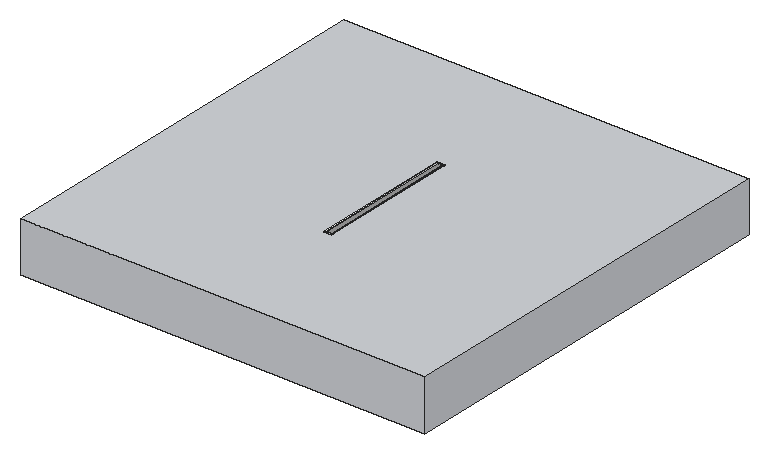
Revit family "LAMP_FIL 35 840MM OPAL COMFORT RECESSED", category Luminarias, Revit 2018
Family settings
  Anfitrión = Cara
  Cota de conector redondo = Diámetro de uso
  Tipo de pieza = Normal
  Corte con vacíos al cargar = No
  Origen de luz = Sí
  Compartido = No
  Punto de cálculo de habitación = No
Parameters (values of type "834LM 3000K  BLACK")
  Ángulo de inclinación = -90.00°
  Weight = 2.00 kg
  Wattage = 8.8 W
  Type = "MID POWER TRIDONIC"
  built-in parameter 1150107 = 3000 (stored number, unit not read)
  Recessed dimensions = "848x42x0"
  built-in parameter 1150110 = 1 (stored number, unit not read)
  built-in parameter 1150109 = 1 (stored number, unit not read)
  built-in parameter 1150112 = 1 (stored number, unit not read)
  built-in parameter 1150113 = 1 (stored number, unit not read)
  built-in parameter 1114218 = 1 (stored number, unit not read)
  Protection rating = "IP20 / IK07"
  Product datasheet = "http://www.lamp.es/product-files/TECH/F31RE084LOOC830NB-EN.pdf"
  Product code = "F31RE084LOOC830NB"
  Product URL = "https://www.lamp.es/en/family/fil-35_413911"
  Power Supply = "220-240V 50/60Hz"
  Power = 8 W
  Plum = 8.8 W
  Photobiological risk = ""
  NOT COVER 2 [instance] = not(END COVER 2)  # no
  NOT COVER 1 [instance] = not(END COVER 1)  # no
  built-in parameter 1150137 = (empty or 0)
  built-in parameter 1150132 = 2
  Modelo = Product code  # "F31RE084LOOC830NB"
  Model Explanation = ""
  Material suspension = LAMP_Acero genérico
  Material perfil = LAMP_Aluminio Perfil Fil NG
  Material difusor = LAMP_PC Difusor Opal Fil
  Manufacturer name = "LAMP"
  Manufacturer country = "Spain"
  Manufacturer URL = "http://www.lamp.es/en"
  MacAdam = "3"
  Longitud de línea de emisión = 840 mm
  Last update = "05/05/2021"
  Lamp = "MID-POWER LED"
  LED Lifetime = "50.000 L90 B10"
  built-in parameter 1150105 = 66.387 (stored number, unit not read)
  built-in parameter 1150102 = (empty or 0)
  Insulation class = "I"
  Installation instructions = "https://www.lamp.es/product-files/INS/1004590-A%20INSTR.%20FIL35.pdf"
  built-in parameter 1150106 = 0.66387 (stored number, unit not read)
  IEE = "A+"
  Gear = "Electronic"
  Lumens = 834.24 lm
  Finish = "Matte black RAL 9011"
  Color Filter = 16777215
  built-in parameter 1114217 = 1 (stored number, unit not read)
  built-in parameter 1150139 = (empty or 0)
  Fabricante = Manufacturer name  # "LAMP"
  Default Elevation = 1219.2 mm
  built-in parameter 1150104 = 8.8072 (stored number, unit not read)
  Efficacy = 94.8 lm/W
  END COVER 2 [instance] = yes
  END COVER 1 [instance] = yes
  Dimensions = "840x45x76"
  Descripción = "FIL35 REC 840 1200 WW OP COMF BK."
  built-in parameter 1150115 = 1 (stored number, unit not read)
  built-in parameter 1150114 = 1 (stored number, unit not read)
  built-in parameter 1150138 = (empty or 0)
  built-in parameter 1150134 = 3
  Dimming Lamp Color Temperature Shift = (empty or 0)
  CRI = "80"
  Archivo de red fotométrica = "F31RE084LOOC830NB.IES"
  built-in parameter 1150133 = 10 (stored number, unit not read)
Types (12, lengths in mm): name | built-in parameter 1150107 | Product datasheet | Product code | Modelo | Material perfil | Finish | Descripción | Archivo de red fotométrica
  834LM 3000K DALI BLACK | 3000 (stored number, unit not read) | "http://www.lamp.es/product-files/TECH/F31RE084LOOC830DB-EN.pdf" | "F31RE084LOOC830DB" | "F31RE084LOOC830DB" | LAMP_Aluminio Perfil Fil NG | "Matte black RAL 9011" | "FIL35 REC 840 1200 WW OP COMF DALI BK." | "F31RE084LOOC830nB.IES"
  834LM 3000K DALI GREY | 3000 (stored number, unit not read) | "http://www.lamp.es/product-files/TECH/F31RE084LOOC830DG-EN.pdf" | "F31RE084LOOC830DG" | "F31RE084LOOC830DG" | LAMP_Aluminio Perfil Fil GR | "Gloss grey" | "FIL35 REC 840 1200 WW OP COMF DALI GR." | "F31RE084LOOC830nG.IES"
  834LM 3000K DALI WHITE | 3000 (stored number, unit not read) | "http://www.lamp.es/product-files/TECH/F31RE084LOOC830DW-EN.pdf" | "F31RE084LOOC830DW" | "F31RE084LOOC830DW" | LAMP_Aluminio Perfil Fil BL | "Matte white RAL 9010" | "FIL35 REC 840 1200 WW OP COMF DALI WH." | "F31RE084LOOC830nW.IES"
  834LM 3000K  BLACK | 3000 (stored number, unit not read) | "http://www.lamp.es/product-files/TECH/F31RE084LOOC830NB-EN.pdf" | "F31RE084LOOC830NB" | "F31RE084LOOC830NB" | LAMP_Aluminio Perfil Fil NG | "Matte black RAL 9011" | "FIL35 REC 840 1200 WW OP COMF BK." | "F31RE084LOOC830NB.IES"
  834LM 3000K  GREY | 3000 (stored number, unit not read) | "http://www.lamp.es/product-files/TECH/F31RE084LOOC830NG-EN.pdf" | "F31RE084LOOC830NG" | "F31RE084LOOC830NG" | LAMP_Aluminio Perfil Fil GR | "Gloss grey" | "FIL35 REC 840 1200 WW OP COMF GR." | "F31RE084LOOC830NG.IES"
  834LM 3000K  WHITE | 3000 (stored number, unit not read) | "http://www.lamp.es/product-files/TECH/F31RE084LOOC830NW-EN.pdf" | "F31RE084LOOC830NW" | "F31RE084LOOC830NW" | LAMP_Aluminio Perfil Fil BL | "Matte white RAL 9010" | "FIL35 REC 840 1200 WW OP COMF WH." | "F31RE084LOOC830NW.IES"
  834LM 4000K DALI BLACK | 4000 (stored number, unit not read) | "http://www.lamp.es/product-files/TECH/F31RE084LOOC840DB-EN.pdf" | "F31RE084LOOC840DB" | "F31RE084LOOC840DB" | LAMP_Aluminio Perfil Fil NG | "Matte black RAL 9011" | "FIL35 REC 840 1200 NW OP COMF DALI BK." | "F31RE084LOOC840nB.IES"
  834LM 4000K DALI GREY | 4000 (stored number, unit not read) | "http://www.lamp.es/product-files/TECH/F31RE084LOOC840DG-EN.pdf" | "F31RE084LOOC840DG" | "F31RE084LOOC840DG" | LAMP_Aluminio Perfil Fil GR | "Gloss grey" | "FIL35 REC 840 1200 NW OP COMF DALI GR." | "F31RE084LOOC840nG.IES"
  834LM 4000K DALI WHITE | 4000 (stored number, unit not read) | "http://www.lamp.es/product-files/TECH/F31RE084LOOC840DW-EN.pdf" | "F31RE084LOOC840DW" | "F31RE084LOOC840DW" | LAMP_Aluminio Perfil Fil BL | "Matte white RAL 9010" | "FIL35 REC 840 1200 NW OP COMF DALI WH." | "F31RE084LOOC840nW.IES"
  834LM 4000K  BLACK | 4000 (stored number, unit not read) | "http://www.lamp.es/product-files/TECH/F31RE084LOOC840NB-EN.pdf" | "F31RE084LOOC840NB" | "F31RE084LOOC840NB" | LAMP_Aluminio Perfil Fil NG | "Matte black RAL 9011" | "FIL35 REC 840 1200 NW OP COMF BK." | "F31RE084LOOC840NB.IES"
  834LM 4000K  GREY | 4000 (stored number, unit not read) | "http://www.lamp.es/product-files/TECH/F31RE084LOOC840NG-EN.pdf" | "F31RE084LOOC840NG" | "F31RE084LOOC840NG" | LAMP_Aluminio Perfil Fil GR | "Gloss grey" | "FIL35 REC 840 1200 NW OP COMF GR." | "F31RE084LOOC840NG.IES"
  834LM 4000K  WHITE | 4000 (stored number, unit not read) | "http://www.lamp.es/product-files/TECH/F31RE084LOOC840NW-EN.pdf" | "F31RE084LOOC840NW" | "F31RE084LOOC840NW" | LAMP_Aluminio Perfil Fil BL | "Matte white RAL 9010" | "FIL35 REC 840 1200 NW OP COMF WH." | "F31RE084LOOC840NW.IES"
Reference planes
  plane 1 "Centro (Frontal/Posterior)": y = 0
  plane 2: z = 0
  plane 3 "Centro (Izquierda/Derecha)": x = 0
Forms (mm)
  Extrusion 1, solid
    sketch origin (0, 0, 0) x (1, 0, 0) y (0, 1, 0)
      loop
        line (-1219.2, 1219.2) -> (-1219.2, -1219.2) -> (1219.2, -1219.2) -> (1219.2, 1219.2) -> (-1219.2, 1219.2)
    from 0 to -304.8
  Extrusion 2, solid, material "LAMP_Aluminio Perfil Fil NG" <- "Material perfil"
    sketch origin (0, 0, -281.8) x (1, 0, 0) y (0, 0, 1)
      loop
        line (-17.5, 281.8) -> (-17.5, 207) -> (0, 207) -> (17.5, 207) -> (17.5, 281.8) -> (22.5, 281.8) -> (22.5, 283) -> (16.5, 283) -> (16.5, 259) -> (0, 259) -> (-16.5, 259) -> (-16.5, 283) -> (-22.5, 283) -> (-22.5, 281.8) -> (-17.5, 281.8)
    from -420 to 420
  Extrusion 3, solid, material "LAMP_PC Difusor Opal Fil" <- "Material difusor"
    sketch origin (0, 0, -281.8) x (1, 0, 0) y (0, 0, 1)
      loop
        line (-16.5, 283) -> (-16.5, 281.8) -> (16.5, 281.8) -> (16.5, 283) -> (-16.5, 283)
    from 420 to -420
Text (mm)
  text "Any modification of the parameters and properties of the LAMP BIM models must be executed and validated by the LAMP technical department.\nPhone: +34 93 736 68 00\nE-mail: lamp@lamp.es\n\nLAMP reserves the right to modify the technical specifications of its products." at (3249.303, 5266.069, -2786.139), in view "Preview"
Dimensions and locks
  aligned and locked: plane 2 to Extrusion 1
  aligned and locked: level to Extrusion 1
Nested families
  nested 1: "LAMP_FIL 35 END COVER RECESSED" at (0, -421, -74.8), visible <- "END COVER 1", type "LAMP_FIL 35 END COVER RECESSED"
  nested 2: "LAMP_FIL 35 END COVER RECESSED" at (0, 421, -74.8) x (-1, 0, 0) z (0, 0, 1), visible <- "END COVER 2", type "LAMP_FIL 35 END COVER RECESSED"
Connectors
  electrical at (0, 0, -75.3)
    settings: on Extrusion 2, index 1, voltage 230 V, apparent load 0 VA, apparent load phase1 0 VA, apparent load phase2 0 VA, apparent load phase3 0 VA, power factor 1, load classification "Otro", number of poles 1, system type 31, power factor state 1, is connector primary yes, connector utility no, sub classification motor no, connector description ""
Definition of nested family "LAMP_FIL 35 END COVER RECESSED"
  Parameters (values of type "LAMP_FIL 35 END COVER RECESSED")
    Material tapa = none
  Reference planes
    plane 1 "Centro (Frontal/Posterior)": y = 0
    plane 2: z = 0
    plane 3 "Centro (Izquierda/Derecha)": x = 0
  Forms (mm)
    Extrusion 1, solid, material <- "Material tapa"
      sketch origin (0, 0, 76.8) x (0, -1, 0) y (0, 0, -1)
        loop
          line (1, 76.8) -> (-1, 76.8) -> (-1, 0.8) -> (5, 0.8) -> (5, 2) -> (1, 2) -> (1, 76.8)
      from -22.5 to 22.5
    Extrusion 2, void
      sketch origin (-5.1, 0, 0) x (1, 0, 0) y (0, 0, 1)
        loop
          line (22.6, 74.8) -> (22.6, 0) -> (27.6, 0) -> (27.6, 74.8) -> (22.6, 74.8)
      from -23.5 to 23.5
    Extrusion 3, void
      sketch origin (5.1, 0, 0) x (1, 0, 0) y (0, 0, 1)
        loop
          line (-22.6, 74.8) -> (-27.6, 74.8) -> (-27.6, 0) -> (-22.6, 0) -> (-22.6, 74.8)
      from -23.5 to 23.5
  Cuts and joins
    Extrusion 2, Extrusion 3 cuts Extrusion 1
  Dimensions and locks
    aligned and locked: level to plane 2
